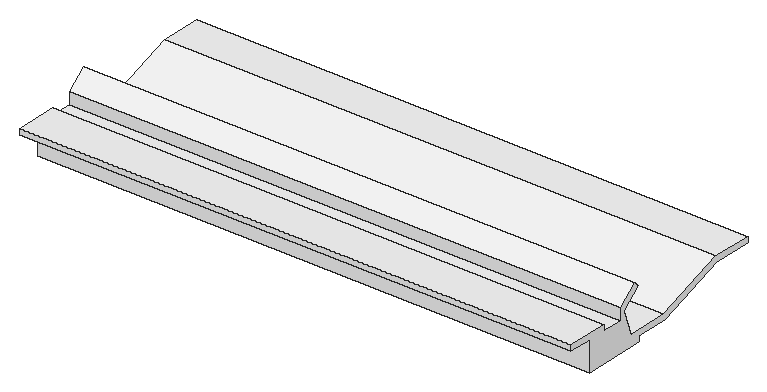
Revit family "Lighting-Recessed-Amerlux-FINO", category Lighting Fixtures, host Face, Revit 2012
Parameters
  Wattage = 9.2903 W
  built-in parameter 1150110 = 1 (stored number, unit not read)
  Voltage = 0 V
  URL = "http://www.amerlux.com/products/FINO"
  built-in parameter 1114217 = 1 (stored number, unit not read)
  Tilt Angle = -90.00°
  built-in parameter 1150109 = 1 (stored number, unit not read)
  built-in parameter 1150134 = 12
  built-in parameter 1150113 = 1 (stored number, unit not read)
  Product Documentation Link = "http://www.amerlux.com/products/FINO#"
  Power Factor = 1
  Photometric Web File = "generic"
  Number of Poles = 1
  built-in parameter 1150142 = (empty or 0)
  Model = "FINO"
  Manufacturer = "Amerlux"
  built-in parameter 1150105 = 109.82 (stored number, unit not read)
  Lumens = 1380 lm
  built-in parameter 1150115 = 1 (stored number, unit not read)
  built-in parameter 1150137 = (empty or 0)
  built-in parameter 1150139 = (empty or 0)
  Length = 1' - 0"
  built-in parameter 1150112 = 1 (stored number, unit not read)
  built-in parameter 1150114 = 1 (stored number, unit not read)
  Lamp = "LED"
  built-in parameter 1150132 = (empty or 0)
  built-in parameter 1150102 = (empty or 0)
  built-in parameter 1150107 = 4000 (stored number, unit not read)
  built-in parameter 1150138 = (empty or 0)
  built-in parameter 1150106 = 1.0982 (stored number, unit not read)
  IES File Link = "http://www.amerlux.com/products/FINO#"
  Fixture Finish = White
  Emit from Line Length = Length  # 1' - 0"
  built-in parameter 1150104 = 13.8 (stored number, unit not read)
  Dimming Lamp Color Temperature Shift = <None>
  Description = "Recessed Asymmetric Indirect"
  Default Elevation = 4' - 0"
  Color Filter = 16777215
  built-in parameter 1114218 = 1 (stored number, unit not read)
  built-in parameter 1150133 = 10 (stored number, unit not read)
  Apparent Load = 0 VA
Reference planes (in)
  plane 1 "Center (Front/Back)": y = 0
  plane 2: z = 0
  plane 3 "Center (Left/Right)": x = 0
  plane 4: y = -1
  plane 5: y = 1
  plane 6: x = -6
  plane 7: x = 6
  plane 8: z = 0.125
Forms (in)
  Extrusion 1, solid, material "White" <- "Fixture Finish"
    sketch origin (0, 0, 0) x (0, 1, 0) y (0, 0, 1)
      loop
        line (2.37518, 0.125) -> (1.50468, 0.125) -> (0.09514, -0.38803) -> (-0.80455, -0.38803) -> (-1, 0.14897) -> (-0.6086, 0.47739) -> (-0.69733, 0.56612) -> (-1.08035, 0.24472) -> (-1.08035, 0) -> (-1.52959, 0) -> (-1.52959, 0.125) -> (-2.43233, 0.125) -> (-2.43233, 0) -> (-1.93233, 0) -> (-1.93233, -0.63335) -> (-0.57887, -0.63335) -> (-0.57887, -0.51303) -> (0.11719, -0.51303) -> (1.52672, 0) -> (2.37518, 0) -> (2.37518, 0.125)
    from -6 to 6
  Extrusion 2, void
    sketch origin (0, 0, 0) x (0, 1, 0) y (0, 0, 1)
      loop
        line (1.50468, 0.125) -> (-0.99128, 0.125) -> (-0.80455, -0.38803) -> (0.09514, -0.38803) -> (1.50468, 0.125)
    from -6 to 6
Cuts and joins
  Extrusion 2 cuts Extrusion 1
Dimensions and locks (in)
  equal spacing: plane 4, plane 1 "Center (Front/Back)", plane 5
  plane 4 to plane 5 = 0' - 2"
  equal spacing: plane 6, plane 3 "Center (Left/Right)", plane 7
  "Length": plane 6 to plane 7
  locked: host face to Extrusion 1 sketch curve at 0.125
  locked: Extrusion 1 sketch curve to Extrusion 1 sketch curve at 0.125  (x2)
  locked: level to Extrusion 1 sketch curve at 0.125
  locked: host face to Extrusion 1 sketch curve at 0.63335
  aligned and locked: plane 2 to host face
  aligned and locked: level to host face
  aligned and locked: imposter light to plane 8
  aligned and locked: Extrusion 2 to plane 6
  aligned and locked: plane 7 to Extrusion 2
  aligned and locked: plane 7 to Extrusion 1
  aligned and locked: Extrusion 1 to plane 6
Automatic sketch dimensions
  host sketch curve to host sketch curve = 2' - 6.49556"
  host sketch curve to host sketch curve = 2' - 7.77944"
  Extrusion 1 sketch curve to level = 0' - 0"  (x3)
  Extrusion 1 sketch curve to plane 4 = 0' - 0"
  Extrusion 1 sketch curve to plane 4 = 0' - 0.08035"
  Extrusion 1 sketch curve to Extrusion 1 sketch curve = 0' - 0.44924"
  Extrusion 1 sketch curve to Extrusion 1 sketch curve = 0' - 0.40274"
  Extrusion 1 sketch curve to Extrusion 1 sketch curve = 0' - 0 1/2"
  plane 4 to Extrusion 1 sketch curve = 0' - 0.19545"
  plane 4 to Extrusion 1 sketch curve = 0' - 0.30267"
  Extrusion 1 sketch curve to Extrusion 1 sketch curve = 0' - 0.08873"  (x2)
  Extrusion 1 sketch curve to Extrusion 1 sketch curve = 0' - 0.22568"
  Extrusion 1 sketch curve to plane 1 "Center (Front/Back)" = 0' - 0.09514"
  Extrusion 1 sketch curve to plane 1 "Center (Front/Back)" = 0' - 0 15/128"
  Extrusion 1 sketch curve to Extrusion 1 sketch curve = 0' - 0.02204"
  Extrusion 1 sketch curve to Extrusion 1 sketch curve = 0' - 0.84846"
  Extrusion 1 sketch curve to Extrusion 1 sketch curve = 0' - 0.12032"
  plane 8 to Extrusion 1 sketch curve = 0' - 0.02397"
  Extrusion 2 sketch curve to plane 8 = 0' - 0"
  plane 4 to Extrusion 2 sketch curve = 0' - 0.00872"
  plane 4 to Extrusion 2 sketch curve = 0' - 0.19545"
  Extrusion 2 sketch curve to plane 1 "Center (Front/Back)" = 0' - 0.09514"
  plane 5 to Extrusion 2 sketch curve = 0' - 0.50468"
  Extrusion 2 sketch curve to level = 0' - 0.38803"
Connectors (in)
  electrical at (0, -1.2556, -0.63335), driven by "Number of Poles", driven by "Voltage", driven by "Apparent Load", driven by "Power Factor"
    settings: on cut or joined group of Extrusion 1, Extrusion 2, index 1, voltage 0 V, apparent load 0 VA, apparent load phase1 0 VA, apparent load phase2 0 VA, apparent load phase3 0 VA, power factor 1, load classification "Other", number of poles 1, system type 31, power factor state 1, is connector primary yes, connector utility yes, sub classification motor no, connector description "Power"
